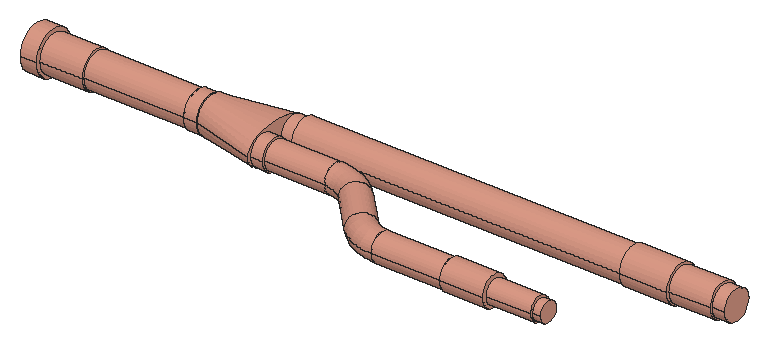
Revit family "outputfile", category 配管付属品, Revit 2024
Family settings
  丸型コネクタ寸法 = 半径を使用
  パーツ タイプ = 標準
  OmniClass 番号 = 23.65.55.00
  OmniClass タイトル = Distribution of Supplied Liquids/Gases
  作業面ベース = いいえ
  常に垂直 = はい
  ロード時にボイドで切り取り = いいえ
  共有 = いいえ
Parameters (values of type "BHRP26A73TA")
  製造元 = "Daikin"
  書き出し IFC クラス(タイプ) = "IfcPipeFittingType"
  既定の高さ = 0.0 mm
  定義済み IFC タイプ(タイプ) = "JUNCTION"
  モデル = "BHRP26A73TA"
  table_StraightPipe [instance] = if(mm⇔inch, "Refnet Joint_BHRP26A-TA_Gas_StraightPipe", "Refnet Joint_BHRP26A-TA_Gas_StraightPipe_inch")  # "Refnet Joint_BHRP26A-TA_Gas_StraightPipe"
  table_BranchPipe [instance] = if(mm⇔inch, "Refnet Joint_BHRP26A-TA_Gas_BranchPipe", "Refnet Joint_BHRP26A-TA_Gas_BranchPipe_inch")  # "Refnet Joint_BHRP26A-TA_Gas_BranchPipe"
  table_Inlet [instance] = if(mm⇔inch, "Refnet Joint_BHRP26A-TA_Gas_Inlet", "Refnet Joint_BHRP26A-TA_Gas_Inlet_inch")  # "Refnet Joint_BHRP26A-TA_Gas_Inlet"
  switch_StraightPipe_Reducer [instance] = if(Is_StraightPipe Reducer = 1, 1 = 1, 1 = 0)  # no
  switch_StraightPipe3 [instance] = if(number_StraightPipe = 3, 1 = 1, 1 = 0)  # yes
  switch_StraightPipe2 [instance] = if(number_StraightPipe < 2, 1 = 0, 1 = 1)  # yes
  switch_BranchPipe_Reducer [instance] = if(Is_BranchPipe Reducer = 1, 1 = 1, 1 = 0)  # no
  switch_BranchPipe3 [instance] = if(number_BranchPipe = 3, 1 = 1, 1 = 0)  # yes
  switch_BranchPipe2 [instance] = if(number_BranchPipe < 2, 1 = 0, 1 = 1)  # yes
  switch_Inlet pipe_Reducer [instance] = if(Is_Inlet Reducer = 1, 1 = 1, 1 = 0)  # no
  switch_Inlet pipe3 [instance] = if(number_InletPipe = 3, 1 = 1, 1 = 0)  # no
  switch_Inlet pipe2 [instance] = if(number_InletPipe < 2, 1 = 0, 1 = 1)  # yes
  mm⇔inch [instance] = yes
  l_OutletPipeSize [instance] = size_lookup(table_Inlet, "L_OutletPipeSize", 10.0 mm, モデル)  # 12.0 mm
  Uniclass2015Version = "Products v1.31"
  Uniclass2015Title = "Copper pipe fittings"
  Uniclass2015Code = "Pr_65_52_63_18"
  StraightPipe_Gas_ActualDiameter [instance] = 25.4 mm
  Material_Piping = DAIKIN_Copper_Pipe
  Material_Insulation = DAIKIN_White_Insulation
  lw_Insulation [instance] = size_lookup(table_Inlet, "lw_Insulation", 59.9 mm, モデル)  # 60.5 mm
  Unit Type = "BHRP26A-TA_Gas"
  Tag No. [instance] = ""
  StraightPipe_Gas_Status [instance] = size_lookup(table_StraightPipe, "Information", "The connected pipe size is not available.", モデル, StraightPipe_Gas_ActualDiameter)  # "Default connector size is used."
  Link_Nested Family [instance] = ""
  Inlet_Gas_Actual Diameter [instance] = 38.1 mm
  IfcVersion = ""
  IfcExportType = "JUNCTION"
  IfcExportAs = "IfcPipeFittingType"
  BranchPipe_Gas_Status [instance] = size_lookup(table_BranchPipe, "Information", "The connected pipe size is not available.", モデル, BranchPipe_Gas_ActualDiameter)  # "Default connector size is used."
  Inlet_Gas_Status [instance] = size_lookup(table_Inlet, "Information", "The connected pipe size is not available.", モデル, Inlet_Gas_Actual Diameter)  # "Default connector size is used."
  Series = "Refnet Joint"
  O.R_dividePipe_Inlet [instance] = (I.D_InletPipe1 + 2.0 mm) / 2  # 16.9 mm
  r_StraightPipe_Connector [instance] = StraightPipe_Gas_ActualDiameter / 2  # 12.7 mm
  r_BranchPipe_Connector [instance] = BranchPipe_Gas_ActualDiameter / 2  # 7.95 mm
  r_Inlet_Connector [instance] = Inlet_Gas_Actual Diameter / 2  # 19.05 mm
  number_StraightPipe [instance] = size_lookup(table_StraightPipe, "pipeNumber", 2, モデル, StraightPipe_Gas_ActualDiameter)  # 3
  number_BranchPipe [instance] = size_lookup(table_BranchPipe, "pipeNumber", 2, モデル, BranchPipe_Gas_ActualDiameter)  # 3
  number_InletPipe [instance] = size_lookup(table_Inlet, "pipeNumber", 3, モデル, Inlet_Gas_Actual Diameter)  # 2
  r_BranchPipeR [instance] = size_lookup(table_BranchPipe, "r_offsetPipeR", 25.0 mm, モデル, BranchPipe_Gas_ActualDiameter)  # 40.0 mm
  l_BranchPipe_Straight2 [instance] = size_lookup(table_BranchPipe, "L_offsetPipe2", 44.0 mm, モデル)  # 64.0 mm
  l_BranchPipe_Straight1 [instance] = size_lookup(table_BranchPipe, "L_offsetPipe1", 5.0 mm, モデル)  # 56.0 mm
  l_BranchPipe connector [instance] = size_lookup(table_BranchPipe, "Length", 170.0 mm, モデル, BranchPipe_Gas_ActualDiameter)  # 312.0 mm
  l_inlet connector [instance] = size_lookup(table_Inlet, "Length", 130.0 mm, モデル, Inlet_Gas_Actual Diameter)  # 161.0 mm
  l_dividePipe [instance] = size_lookup(table_Inlet, "L_devidePipe", 38.0 mm, モデル)  # 61.0 mm
  l_StraightPipeReducer [instance] = size_lookup(table_StraightPipe, "L_Reducer", 80.0 mm, モデル, StraightPipe_Gas_ActualDiameter)  # 120.0 mm
  l_StraightPipe3 [instance] = size_lookup(table_StraightPipe, "L_Pipe3", 2.0 mm, モデル)  # 12.0 mm
  l_StraightPipe2 [instance] = size_lookup(table_StraightPipe, "L_Pipe2", 9.0 mm, モデル)  # 39.0 mm
  l_StraightPipe1 [instance] = size_lookup(table_StraightPipe, "L_Pipe1", 40.0 mm, モデル)  # 44.0 mm
  l_StraightPipe0 [instance] = size_lookup(table_StraightPipe, "L_Pipe0", 153.0 mm, モデル)  # 305.0 mm
  l_StraightPipe connector [instance] = size_lookup(table_StraightPipe, "Length", 212.0 mm, モデル, StraightPipe_Gas_ActualDiameter)  # 412.0 mm
  l_BranchPipe Reducer [instance] = size_lookup(table_BranchPipe, "L_Reducer", 80.0 mm, モデル, BranchPipe_Gas_ActualDiameter)  # 100.0 mm
  l_BranchPipe3 [instance] = size_lookup(table_BranchPipe, "L_Pipe3", 2.0 mm, モデル)  # 8.0 mm
  l_BranchPipe2 [instance] = size_lookup(table_BranchPipe, "L_Pipe2", 9.0 mm, モデル)  # 42.0 mm
  l_BranchPipe1 [instance] = size_lookup(table_BranchPipe, "L_Pipe1", 40.0 mm, モデル)  # 40.0 mm
  l_BranchPipe0 [instance] = size_lookup(table_BranchPipe, "L_Pipe0", 111.0 mm, モデル)  # 210.0 mm
  l_InletReducer [instance] = size_lookup(table_Inlet, "L_Reducer", 100.0 mm, モデル, Inlet_Gas_Actual Diameter)  # 120.0 mm
  l_InletPipe3 [instance] = size_lookup(table_Inlet, "L_Pipe3", 9.0 mm, モデル)  # 2.0 mm
  l_InletPipe2 [instance] = size_lookup(table_Inlet, "L_Pipe2", 42.0 mm, モデル)  # 15.0 mm
  l_InletPipe1 [instance] = size_lookup(table_Inlet, "L_Pipe1", 38.0 mm, モデル)  # 40.0 mm
  l_InletPipe0 [instance] = size_lookup(table_Inlet, "L_Pipe0", 29.0 mm, モデル)  # 94.0 mm
  center_StraightPipe [instance] = size_lookup(table_StraightPipe, "center_Pipe", 11.5 mm, モデル)  # 17.5 mm
  center_BranchPipe2 [instance] = size_lookup(table_BranchPipe, "center_OffsetPipe", 68.5 mm, モデル)  # 75.5 mm
  center_BranchPipe1 [instance] = size_lookup(table_BranchPipe, "center_Pipe", 11.5 mm, モデル)  # 17.5 mm
  StraightPipe_Gas_AvailableDiameter [instance] = size_lookup(table_StraightPipe, "sizeVariation", "", モデル)  # "25.4/28.6/31.8/34.9mm"
  BranchPipe_Gas_AvailableDiameter [instance] = size_lookup(table_BranchPipe, "sizeVariation", "", モデル)  # "12.7/15.9/19.1/22.2/25.4/28.6mm"
  Inlet_Gas_Available Diameter [instance] = size_lookup(table_Inlet, "sizeVariation", "", モデル)  # "31.8/34.9/38.1/41.3mm"
  O.D_StraightPipe Reducer [instance] = size_lookup(table_StraightPipe, "O.D_reducer", 2.0 mm, モデル, StraightPipe_Gas_ActualDiameter)  # 2.0 mm
  O.D_Offset Outlet Reducer [instance] = size_lookup(table_BranchPipe, "O.D_reducer", 2.0 mm, モデル, BranchPipe_Gas_ActualDiameter)  # 2.0 mm
  O.D_Inlet Reducer [instance] = size_lookup(table_Inlet, "O.D_reducer", 2.0 mm, モデル, Inlet_Gas_Actual Diameter)  # 2.0 mm
  Is_StraightPipe Reducer [instance] = size_lookup(table_StraightPipe, "IsReducer", 0, モデル, StraightPipe_Gas_ActualDiameter)  # 0
  Is_BranchPipe Reducer [instance] = size_lookup(table_BranchPipe, "IsReducer", 0, モデル, BranchPipe_Gas_ActualDiameter)  # 0
  Is_Inlet Reducer [instance] = size_lookup(table_Inlet, "IsReducer", 0, モデル, Inlet_Gas_Actual Diameter)  # 0
  BranchPipe_Gas_ActualDiameter [instance] = 15.9 mm
  Attach_Insulation [instance] = no
  I.D_StraightPipe3 [instance] = size_lookup(table_StraightPipe, "I.D_PipeSize3", 2.0 mm, モデル)  # 25.4 mm
  I.D_StraightPipe2 [instance] = size_lookup(table_StraightPipe, "I.D_PipeSize2", 12.7 mm, モデル)  # 28.6 mm
  I.D_StraightPipe1 [instance] = size_lookup(table_StraightPipe, "I.D_PipeSize1", 15.9 mm, モデル)  # 31.8 mm
  I.D_StraightPipe0 [instance] = size_lookup(table_StraightPipe, "I.D_PipeSize0", 13.9 mm, モデル)  # 29.8 mm
  I.D_BranchPipe3 [instance] = size_lookup(table_BranchPipe, "I.D_PipeSize3", 2.0 mm, モデル)  # 15.9 mm
  I.D_BranchPipe2 [instance] = size_lookup(table_BranchPipe, "I.D_PipeSize2", 12.7 mm, モデル)  # 19.1 mm
  I.D_BranchPipe1 [instance] = size_lookup(table_BranchPipe, "I.D_PipeSize1", 15.9 mm, モデル)  # 25.4 mm
  I.D_BranchPipe0 [instance] = size_lookup(table_BranchPipe, "I.D_PipeSize0", 13.9 mm, モデル)  # 23.4 mm
  I.D_Straight Reducer [instance] = size_lookup(table_StraightPipe, "I.D_reducer", 2.0 mm, モデル, StraightPipe_Gas_ActualDiameter)  # 2.0 mm
  I.D_OutletPipe [instance] = size_lookup(table_Inlet, "I.D_OutletPipeSize", 16.0 mm, モデル, Inlet_Gas_Actual Diameter)  # 25.6 mm
  I.D_Branch Reducer [instance] = size_lookup(table_BranchPipe, "I.D_reducer", 2.0 mm, モデル, BranchPipe_Gas_ActualDiameter)  # 2.0 mm
  I.D_Inlet Reducer [instance] = size_lookup(table_Inlet, "I.D_reducer", 2.0 mm, モデル, Inlet_Gas_Actual Diameter)  # 2.0 mm
  I.D_InletPipe3 [instance] = size_lookup(table_Inlet, "I.D_PipeSize3", 12.7 mm, モデル)  # 2.0 mm
  I.D_InletPipe2 [instance] = size_lookup(table_Inlet, "I.D_PipeSize2", 15.9 mm, モデル)  # 38.1 mm
  I.D_InletPipe1 [instance] = size_lookup(table_Inlet, "I.D_PipeSize1", 19.1 mm, モデル)  # 31.8 mm
  I.D_InletPipe0 [instance] = size_lookup(table_Inlet, "I.D_PipeSize0", 17.1 mm, モデル)  # 29.8 mm
Reference planes
  plane 1 "Center (Front/Back)": y = 0
  plane 2: z = 0
  plane 3 "base_left": x = 0
  plane 4: x = 2
  plane 5: x = 17
  plane 6: x = 57
  plane 7: x = 151
  plane 8: x = 163
  plane 9: x = 224
  plane 10: x = 236
  plane 11 "center_straight outlet": y = 17.5
  plane 12 "center2_offset outlet": y = -75.5
  plane 13 "center1_offset outlet": y = -17.5
  plane 14: x = 541
  plane 15: x = 585
  plane 16: x = 624
  plane 17: x = 446
  plane 18: x = 486
  plane 19: x = 528
  plane 20: x = 636
  plane 21: x = 536
  plane 22 "Reducer_straightoutlet": x = 536
  plane 23: x = 636
  plane 24: y = -34.4
  plane 25: z = 16.9
  plane 26 "Inlet_connector": x = 2
  plane 27 "Left_Insulation": x = 102.5
Forms (mm)
  SweptBlend 1, solid, material "DAIKIN_Copper_Pipe" <- "Material_Piping"
    path origin (0, 0, 0) x (1, 0, 0) y (0, 1, 0)
      loop
        line (163, 0) -> (224, 0)
    profile origin (163, 0, 0) x (0, 1, 0) y (0, 0, 1)
      loop
        circle (0, 0) r 16.9
    end profile origin (224, 0, 0) x (0, 1, 0) y (0, 0, 1)
      loop
        spline (-34.4, 0) -> (-33.228, -4.374) -> (-29.791, -8.45) -> (-24.324, -11.95) -> (-17.2, -14.636) -> (-8.903, -16.324) -> (0, -16.9) -> (8.903, -16.324) -> (17.2, -14.636) -> (24.324, -11.95) -> (29.791, -8.45) -> (33.228, -4.374) -> (34.4, 0)
        spline (34.4, 0) -> (33.228, 4.374) -> (29.791, 8.45) -> (24.324, 11.95) -> (17.2, 14.636) -> (8.903, 16.324) -> (0, 16.9) -> (-8.903, 16.324) -> (-17.2, 14.636) -> (-24.324, 11.95) -> (-29.791, 8.45) -> (-33.228, 4.374) -> (-34.4, 0)
Dimensions and locks
  "l_InletPipe3": plane 3 "base_left" to plane 4
  "l_InletPipe2": plane 4 to plane 5
  "l_InletPipe1": plane 5 to plane 6
  "l_InletPipe0": plane 6 to plane 7
  plane 7 to plane 8 = 12.0 mm
  "center_StraightPipe": plane 1 "Center (Front/Back)" to plane 11 "center_straight outlet"
  "center_BranchPipe2": plane 12 "center2_offset outlet" to plane 1 "Center (Front/Back)"
  "center_BranchPipe1": plane 13 "center1_offset outlet" to plane 1 "Center (Front/Back)"
  "l_dividePipe": plane 8 to plane 9
  "l_OutletPipeSize": plane 9 to plane 10
  "l_StraightPipe0": plane 10 to plane 14
  "l_BranchPipe0": plane 10 to plane 17
  "l_BranchPipe1": plane 17 to plane 18
  "l_BranchPipe2": plane 18 to plane 19
  "l_StraightPipe1": plane 14 to plane 15
  "l_StraightPipe2": plane 15 to plane 16
  "l_StraightPipe3": plane 16 to plane 20
  "l_BranchPipe3": plane 19 to plane 21
  "l_BranchPipe connector": plane 9 to plane 22 "Reducer_straightoutlet"
  "l_StraightPipe connector": plane 9 to plane 23
  "O.R_dividePipe_Inlet": plane 24 to plane 13 "center1_offset outlet"
  "O.R_dividePipe_Inlet": plane 25 to plane 2
  "l_inlet connector": plane 26 "Inlet_connector" to plane 8
  "lw_Insulation": plane 27 "Left_Insulation" to plane 8
  "O.R_dividePipe_Inlet": radius of SweptBlend 1 sketch curve
  aligned and locked: level to plane 2
  aligned and locked: plane 2 to nested 1
  aligned and locked: plane 3 "base_left" to nested 1
  aligned and locked: plane 1 "Center (Front/Back)" to nested 1
  aligned and locked: plane 4 to nested 2
  aligned and locked: plane 1 "Center (Front/Back)" to nested 2
  aligned and locked: plane 5 to nested 2
  aligned and locked: plane 5 to nested 3
  aligned and locked: plane 6 to nested 3
  aligned and locked: plane 6 to nested 4
  aligned and locked: nested 4 to plane 7
  aligned and locked: nested 5 to plane 7
  aligned and locked: nested 5 to plane 8
  aligned and locked: plane 8 to SweptBlend 1 sketch curve
  aligned and locked: plane 9 to SweptBlend 1 sketch curve
  aligned and locked: plane 2 to SweptBlend 1 sketch curve  (x2)
  aligned and locked: plane 1 "Center (Front/Back)" to SweptBlend 1 sketch curve  (x2)
  aligned and locked: nested 6 to plane 9
  aligned and locked: nested 7 to plane 9
  aligned and locked: nested 6 to plane 11 "center_straight outlet"
  aligned and locked: nested 7 to plane 13 "center1_offset outlet"
  aligned and locked: nested 7 to plane 10
  aligned and locked: nested 6 to plane 10
  aligned and locked: nested 8 to plane 10
  aligned and locked: plane 14 to nested 8
  aligned and locked: nested 8 to plane 11 "center_straight outlet"
  aligned and locked: plane 14 to nested 9
  aligned and locked: plane 11 "center_straight outlet" to nested 9
  aligned and locked: plane 15 to nested 9
  aligned and locked: plane 11 "center_straight outlet" to nested 10
  aligned and locked: plane 15 to nested 10
  aligned and locked: plane 16 to nested 10
  aligned and locked: nested 11 to plane 12 "center2_offset outlet"
  aligned and locked: plane 17 to nested 11
  aligned and locked: plane 18 to nested 11
  aligned and locked: nested 12 to plane 12 "center2_offset outlet"
  aligned and locked: plane 18 to nested 12
  aligned and locked: plane 19 to nested 12
  aligned and locked: nested 13 to plane 10
  aligned and locked: nested 13 to plane 13 "center1_offset outlet"
  aligned and locked: nested 13 to plane 12 "center2_offset outlet"
  aligned and locked: plane 8 to nested 14
  aligned and locked: plane 1 "Center (Front/Back)" to nested 14
  aligned and locked: nested 15 to plane 11 "center_straight outlet"
  aligned and locked: nested 15 to plane 9
  aligned and locked: nested 16 to plane 9
  aligned and locked: nested 16 to plane 12 "center2_offset outlet"
  aligned and locked: nested 17 to plane 1 "Center (Front/Back)"
  aligned and locked: plane 16 to nested 18
  aligned and locked: plane 20 to nested 18
  aligned and locked: plane 19 to nested 19
  aligned and locked: plane 21 to nested 19
  aligned and locked: nested 20 to plane 12 "center2_offset outlet"
  aligned and locked: plane 23 to nested 21
  aligned and locked: plane 11 "center_straight outlet" to nested 21
  aligned and locked: plane 4 to nested 1
  aligned and locked: plane 24 to SweptBlend 1 sketch curve
  aligned and locked: plane 25 to SweptBlend 1 sketch curve
  aligned and locked: plane 12 "center2_offset outlet" to nested 19
  aligned and locked: plane 11 "center_straight outlet" to nested 18
  aligned and locked: nested 17 to plane 26 "Inlet_connector"
  aligned and locked: plane 22 "Reducer_straightoutlet" to nested 20
  aligned and locked: nested 22 to plane 27 "Left_Insulation"
  aligned and locked: plane 1 "Center (Front/Back)" to nested 22
Automatic sketch dimensions
  plane 1 "Center (Front/Back)" to SweptBlend 1 sketch curve = 0.0 mm
Nested families
  nested 1: "daikin_Pipe" at (1, 0, 0), I.D_Pipe <- "I.D_InletPipe3", display <- "switch_Inlet pipe3", type "*"
    with length_Pipe 2.0 mm, display no, O.D_Pipe 4.0 mm, I.D_Pipe 2.0 mm
  nested 2: "daikin_Pipe" at (9.5, 0, 0), I.D_Pipe <- "I.D_InletPipe2", display <- "switch_Inlet pipe2", type "*"
    with length_Pipe 15.0 mm, display yes, O.D_Pipe 40.1 mm, I.D_Pipe 38.1 mm
  nested 3: "daikin_Pipe" at (37, 0, 0), I.D_Pipe <- "I.D_InletPipe1", type "*"
    with length_Pipe 40.0 mm, display yes, O.D_Pipe 33.8 mm, I.D_Pipe 31.8 mm
  nested 4: "daikin_Pipe" at (104, 0, 0), I.D_Pipe <- "I.D_InletPipe0", type "*"
    with length_Pipe 94.0 mm, display yes, O.D_Pipe 31.8 mm, I.D_Pipe 29.8 mm
  nested 5: "daikin_Pipe" at (157, 0, 0), I.D_Pipe <- "I.D_InletPipe1", type "*"
    with length_Pipe 12.0 mm, display yes, O.D_Pipe 33.8 mm, I.D_Pipe 31.8 mm
  nested 6: "daikin_Pipe" at (230, 17.5, 0), I.D_Pipe <- "I.D_OutletPipe", type "*"
    with length_Pipe 12.0 mm, display yes, O.D_Pipe 27.6 mm, I.D_Pipe 25.6 mm
  nested 7: "daikin_Pipe" at (230, -17.5, 0), I.D_Pipe <- "I.D_OutletPipe", type "*"
    with length_Pipe 12.0 mm, display yes, O.D_Pipe 27.6 mm, I.D_Pipe 25.6 mm
  nested 8: "daikin_Pipe" at (388.5, 17.5, 0), I.D_Pipe <- "I.D_StraightPipe0", type "*"
    with length_Pipe 305.0 mm, display yes, O.D_Pipe 31.8 mm, I.D_Pipe 29.8 mm
  nested 9: "daikin_Pipe" at (563, 17.5, 0), I.D_Pipe <- "I.D_StraightPipe1", type "*"
    with length_Pipe 44.0 mm, display yes, O.D_Pipe 33.8 mm, I.D_Pipe 31.8 mm
  nested 10: "daikin_Pipe" at (604.5, 17.5, 0), I.D_Pipe <- "I.D_StraightPipe2", display <- "switch_StraightPipe2", type "*"
    with length_Pipe 39.0 mm, display yes, O.D_Pipe 30.6 mm, I.D_Pipe 28.6 mm
  nested 11: "daikin_Pipe" at (466, -75.5, 0), I.D_Pipe <- "I.D_BranchPipe1", type "*"
    with length_Pipe 40.0 mm, display yes, O.D_Pipe 27.4 mm, I.D_Pipe 25.4 mm
  nested 12: "daikin_Pipe" at (507, -75.5, 0), I.D_Pipe <- "I.D_BranchPipe2", display <- "switch_BranchPipe2", type "*"
    with length_Pipe 42.0 mm, display yes, O.D_Pipe 21.1 mm, I.D_Pipe 19.1 mm
  nested 13: "daikin_Pipe Ofsset" at (236, -17.5, 0), I.D_Pipe size <- "I.D_BranchPipe0", length_straight pipe1 <- "l_BranchPipe_Straight1", length_straight pipe2 <- "l_BranchPipe_Straight2", r_Pipe R <- "r_BranchPipeR", length_Pipe <- "l_BranchPipe0", type "*"
    with r_Pipe R 40.0 mm, length_straight pipe2 64.0 mm, length_straight pipe1 56.0 mm, length_offset center 58.0 mm, length_Pipe 210.0 mm, O.D_Pipe size 25.4 mm, I.D_Pipe size 23.4 mm
  nested 14: "daikin_connector_rotate2" at (163, 0, 0) x (0, -1, 0) z (0, 0, 1), length <- "l_inlet connector", type "daikin_connector_rotate2"
    with radius 5.0 mm, length 161.0 mm, angle_vertical 90.00°, locaton_mark no
  nested 15: "daikin_connector_rotate2" at (224, 17.5, 0) x (0, 1, 0) z (0, 0, 1), length <- "l_StraightPipe connector", type "daikin_connector_rotate2"
    with radius 5.0 mm, length 412.0 mm, angle_vertical 90.00°, locaton_mark no
  nested 16: "daikin_connector_rotate2" at (224, -75.5, 0) x (0, 1, 0) z (0, 0, 1), length <- "l_BranchPipe connector", type "daikin_connector_rotate2"
    with radius 5.0 mm, length 312.0 mm, angle_vertical 90.00°, locaton_mark no
  nested 17: "daikin_Pipe_reducer" at (62, 0, 0) x (-1, 0, 0) z (0, 0, 1), display <- "switch_Inlet pipe_Reducer", length_Pipe <- "l_InletReducer", I.D_Pipe1 <- "I.D_Inlet Reducer", O.D_Pipe2 <- "O.D_Inlet Reducer", type "*"
    with length_Pipe 120.0 mm, display no, O.D_Pipe2 2.0 mm, O.D_Pipe1 4.0 mm, I.D_Pipe2 0.0 mm, I.D_Pipe1 2.0 mm
  nested 18: "daikin_Pipe" at (630, 17.5, 0), I.D_Pipe <- "I.D_StraightPipe3", display <- "switch_StraightPipe3", type "*"
    with length_Pipe 12.0 mm, display yes, O.D_Pipe 27.4 mm, I.D_Pipe 25.4 mm
  nested 19: "daikin_Pipe" at (532, -75.5, 0), I.D_Pipe <- "I.D_BranchPipe3", display <- "switch_BranchPipe3", type "*"
    with length_Pipe 8.0 mm, display yes, O.D_Pipe 17.9 mm, I.D_Pipe 15.9 mm
  nested 20: "daikin_Pipe_reducer" at (486, -75.5, 0), I.D_Pipe1 <- "I.D_Branch Reducer", O.D_Pipe2 <- "O.D_Offset Outlet Reducer", length_Pipe <- "l_BranchPipe Reducer", display <- "switch_BranchPipe_Reducer", type "*"
    with length_Pipe 100.0 mm, display no, O.D_Pipe2 2.0 mm, O.D_Pipe1 4.0 mm, I.D_Pipe2 0.0 mm, I.D_Pipe1 2.0 mm
  nested 21: "daikin_Pipe_reducer" at (576, 17.5, 0), I.D_Pipe1 <- "I.D_Straight Reducer", O.D_Pipe2 <- "O.D_StraightPipe Reducer", length_Pipe <- "l_StraightPipeReducer", display <- "switch_StraightPipe_Reducer", type "*"
    with length_Pipe 120.0 mm, display no, O.D_Pipe2 2.0 mm, O.D_Pipe1 4.0 mm, I.D_Pipe2 0.0 mm, I.D_Pipe1 2.0 mm
  nested 22: "daikin_Insulation_RefnetJoint" at (102.5, 0, 0), I.D_Outlet PipeSize <- "I.D_OutletPipe", type "*"
    with h 57.6 mm, I.D_Outlet PipeSize 25.6 mm, r_Insulation 14.0 mm, h_Insulation 297.0 mm, d_Insulation3_3 82.0 mm, d_Insulation2_2 50.5 mm, d_Insulation1_1 32.0 mm, w_Insulation5 310.0 mm, w_Insulation4 60.0 mm, w_Insulation3 109.0 mm, w_Insulation2 90.0 mm, w_Insulation1 30.0 mm, d_Insulation3 74.0 mm, d_Insulation2 54.5 mm, d_Insulation1 36.0 mm
Connectors
  piping at (2, 0, 0), diameter 38.1, driven by "r_Inlet_Connector"
    settings: on nested 14, index 1, connector inside diameter 609.6 mm, connector length 0.0 mm, flow factor 0, pipe flow 0.00 m³/h, pressure drop 0.0 Pa, fitting loss kfactor 0, connector angle 0.00°, fixture units 0, engagement length 0.0 mm, angle of deflection 0.00°, flow configuration 0, flow direction 2, fitting loss method 0, system type 29, joint type 0, gender type 0, connector reference index -1, connector utility 0, adjustable connector no, is connector primary yes, connector description "Refnet Joint_Inlet_Gas"
  piping at (536, -75.5, 0), diameter 15.9, driven by "r_BranchPipe_Connector"
    settings: on nested 16, index 2, connector inside diameter 609.6 mm, connector length 0.0 mm, flow factor 0, pipe flow 0.00 m³/h, pressure drop 0.0 Pa, fitting loss kfactor 0, connector angle 0.00°, fixture units 0, engagement length 0.0 mm, angle of deflection 0.00°, flow configuration 0, flow direction 1, fitting loss method 0, system type 29, joint type 0, gender type 0, connector reference index -1, connector utility 0, adjustable connector no, is connector primary no, connector description "Refnet Joint_Outlet Branch_Gas"
  piping at (636, 17.5, 0), diameter 25.4, driven by "r_StraightPipe_Connector"
    settings: on nested 15, index 3, connector inside diameter 609.6 mm, connector length 0.0 mm, flow factor 0, pipe flow 0.00 m³/h, pressure drop 0.0 Pa, fitting loss kfactor 0, connector angle 0.00°, fixture units 0, engagement length 0.0 mm, angle of deflection 0.00°, flow configuration 0, flow direction 1, fitting loss method 0, system type 29, joint type 0, gender type 0, connector reference index -1, connector utility 0, adjustable connector no, is connector primary no, connector description "Refnet Joint_Outlet Straight_Gas"
Definition of nested family "daikin_Pipe"
  Parameters (values of type "*")
    Default Elevation = 0.0 mm
    material = none
    length_Pipe [instance] = 150.0 mm
    display [instance] = yes
    O.D_Pipe [instance] = I.D_Pipe + 2.0 mm  # 27.0 mm
    I.D_Pipe [instance] = 25.0 mm
  Reference planes
    plane 1 "Center (Front/Back)": y = 0
    plane 2 "center(vertical)": z = 0
    plane 3 "Center (Left/Right)": x = 0
    plane 4 "left": x = -75
    plane 5 "right": x = 75
  Forms (mm)
    Extrusion 1, solid, material <- "material", visible <- "display"
      sketch origin (0, 0, 0) x (0, 1, 0) y (0, 0, 1)
        loop
          circle (0, 0) r 13.5
      from -75 to 75
  Dimensions and locks
    equal spacing: plane 4 "left", plane 3 "Center (Left/Right)", plane 5 "right"
    "length_Pipe": plane 4 "left" to plane 5 "right"
    "O.D_Pipe": diameter of Extrusion 1 sketch curve
    aligned and locked: level to plane 2 "center(vertical)"
    aligned and locked: plane 2 "center(vertical)" to Extrusion 1 sketch curve
    aligned and locked: plane 1 "Center (Front/Back)" to Extrusion 1 sketch curve
    aligned and locked: plane 5 "right" to Extrusion 1
    aligned and locked: Extrusion 1 to plane 4 "left"
Definition of nested family "daikin_Pipe Ofsset"
  Parameters (values of type "*")
    Default Elevation = 0.0 mm
    r_Pipe R [instance] = 40.0 mm
    material = none
    length_straight pipe2 [instance] = 43.0 mm
    length_straight pipe1 [instance] = 5.0 mm
    length_offset center [instance] = 57.0 mm
    length_Pipe [instance] = 110.0 mm
    O.D_Pipe size [instance] = I.D_Pipe size + 2.0 mm  # 12.0 mm
    I.D_Pipe size [instance] = 10.0 mm
  Reference planes
    plane 1 "Center (Front/Back)": y = 0
    plane 2: z = 0
    plane 3 "Center (Left/Right)": x = 0
    plane 4: y = -57
    plane 5: x = 110
    plane 6: x = 67
    plane 7: x = 5
  Forms (mm)
    Sweep 1, solid, material <- "material"
      path origin (0, 0, 0) x (1, 0, 0) y (0, 1, 0)
        loop
          line (0, 0) -> (5, 0)
          arc (5, 0) -> (20.74, -3.227) -> (33.94, -12.387) r 40
          line (33.94, -12.387) -> (38.06, -44.613)
          arc (38.06, -44.613) -> (51.26, -53.773) -> (67, -57) r 40
          line (67, -57) -> (110, -57)
      profile origin (2.5, 0, 0) x (0, 1, 0) y (0, 0, 1)
        loop
          circle (0, 0) r 6
  Dimensions and locks
    "length_offset center": plane 4 to plane 1 "Center (Front/Back)"
    "length_straight pipe1": plane 3 "Center (Left/Right)" to plane 7
    "length_Pipe": plane 3 "Center (Left/Right)" to plane 5
    "length_straight pipe2": plane 6 to plane 5
    "O.D_Pipe size": diameter of Sweep 1 sketch curve
    "r_Pipe R": radius of Sweep 1 sketch curve  (x2)
    aligned and locked: level to plane 2
    aligned and locked: plane 1 "Center (Front/Back)" to Sweep 1 sketch curve
    aligned and locked: profile plane to Sweep 1 sketch curve
    aligned and locked: plane 5 to Sweep 1 sketch curve
    aligned and locked: plane 7 to Sweep 1 sketch curve
    aligned and locked: plane 6 to Sweep 1 sketch curve
  Automatic sketch dimensions
    plane 1 "Center (Front/Back)" to Sweep 1 sketch curve = 0.0 mm
    Sweep 1 sketch curve to plane 3 "Center (Left/Right)" = 0.0 mm
    plane 4 to Sweep 1 sketch curve = 0.0 mm
    plane 1 "Center (Front/Back)" to Sweep 1 sketch curve = 12.387 mm
    Sweep 1 sketch curve to plane 4 = 12.387 mm
Definition of nested family "daikin_connector_rotate2"
  Parameters (values of type "daikin_connector_rotate2")
    show_face = no
    radius [instance] = 10.0 mm
    locaton_mark = yes
    length [instance] = 600.0 mm
    d_surface = 10.0 mm
    angle_vertical [instance] = 90.00°
    Default Elevation = 0.0 mm
  Reference planes
    plane 1 "Center (Front/Back)": y = 0
    plane 2: z = 0
    plane 3 "Center (Left/Right)": x = 0
  Forms (mm)
    Extrusion 1, solid, visible <- "show_face"
      sketch origin (0, -600, 0) x (1, 0, 0) y (0, 0, 1)
        loop
          circle (0, 0) r 10
      from 0 to -10
  Lines and regions (mm)
    reference lines
      curve 1: line (0, 0, 0) -> (0, -600, 0)
    symbolic lines, visible <- "locaton_mark"
      curve 2: circle (0, 0, 0) r 5 normal (0, 0, 1)
    model lines, visible <- "show_face"
      curve 3: line (0, 0, 0) -> (0, -600, 0)
  Dimensions and locks
    "length": curve 1 to curve 1
    "length": curve 3 to curve 3
    "d_surface": Extrusion 1 to Extrusion 1
    "radius": radius of Extrusion 1 sketch curve
    "angle_vertical": angle curve 1 to plane 1 "Center (Front/Back)"
    "angle_vertical": angle curve 3 to plane 1 "Center (Front/Back)"
    aligned and locked: level to plane 2
    aligned and locked: plane 1 "Center (Front/Back)" to curve 1
    aligned and locked: plane 2 to curve 1
    aligned and locked: plane 1 "Center (Front/Back)" to curve 2
    aligned and locked: plane 3 "Center (Left/Right)" to curve 2
    aligned and locked: plane 1 "Center (Front/Back)" to curve 3
    aligned and locked: plane 2 to curve 3
    aligned and locked: Extrusion 1 to Extrusion 1
  Automatic sketch dimensions
    Extrusion 1 sketch curve to level = 0.0 mm
    Extrusion 1 sketch curve to plane 3 "Center (Left/Right)" = 0.0 mm
    radius of curve 2 = 5.0 mm
Definition of nested family "daikin_Pipe_reducer"
  Parameters (values of type "*")
    Default Elevation = 0.0 mm
    material = none
    length_Pipe [instance] = 250.0 mm
    display [instance] = yes
    O.D_Pipe2 [instance] = 19.1 mm
    O.D_Pipe1 [instance] = I.D_Pipe1 + 2.0 mm  # 24.2 mm
    I.D_Pipe2 [instance] = O.D_Pipe2 - 2.0 mm  # 17.1 mm
    I.D_Pipe1 [instance] = 22.2 mm
  Reference planes
    plane 1 "Center (Front/Back)": y = 0
    plane 2 "center(vertical)": z = 0
    plane 3 "Center (Left/Right)": x = 0
    plane 4 "connection": x = -125
    plane 5 "right": x = 113
    plane 6: x = 125
  Forms (mm)
    Extrusion 1, solid, material <- "material", visible <- "display"
      sketch origin (0, 0, 0) x (0, 1, 0) y (0, 0, 1)
        loop
          circle (0, 0) r 9.55
      from -125 to 113
    Extrusion 2, solid, material <- "material", visible <- "display"
      sketch origin (0, 0, 0) x (0, 1, 0) y (0, 0, 1)
        loop
          circle (0, 0) r 12.1
      from 113 to 125
  Dimensions and locks
    locked: plane 5 "right" to plane 6 at 12
    "length_Pipe": plane 4 "connection" to plane 6
    equal spacing: plane 4 "connection", plane 3 "Center (Left/Right)", plane 6
    "O.D_Pipe2": diameter of Extrusion 1 sketch curve
    "O.D_Pipe1": diameter of Extrusion 2 sketch curve
    aligned and locked: level to plane 2 "center(vertical)"
    aligned and locked: plane 2 "center(vertical)" to Extrusion 1 sketch curve
    aligned and locked: plane 1 "Center (Front/Back)" to Extrusion 1 sketch curve
    aligned and locked: plane 5 "right" to Extrusion 1
    aligned and locked: Extrusion 1 to plane 4 "connection"
    aligned and locked: plane 2 "center(vertical)" to Extrusion 2 sketch curve
    aligned and locked: plane 1 "Center (Front/Back)" to Extrusion 2 sketch curve
    aligned and locked: Extrusion 2 to plane 5 "right"
    aligned and locked: plane 6 to Extrusion 2
Definition of nested family "daikin_Insulation_RefnetJoint"
  Parameters (values of type "*")
    r_Insulation = size_lookup(table_Insulation, "r_Insulation", 13.5 mm, Model)  # 13.5 mm
    h_Insulation = size_lookup(table_Insulation, "h_Insulation", 202.5 mm, Model)  # 202.5 mm
    d_Insulation3_3 = size_lookup(table_Insulation, "d_Insulation3_3", 68.0 mm, Model)  # 68.0 mm
    d_Insulation2_2 = size_lookup(table_Insulation, "d_Insulation2_2", 38.0 mm, Model)  # 38.0 mm
    d_Insulation1_1 = size_lookup(table_Insulation, "d_Insulation1_1", 26.5 mm, Model)  # 26.5 mm
    Default Elevation = 0.0 mm
    Model = "KHRP26A22TA"
    w_Insulation5 = size_lookup(table_Insulation, "w_Insulation5", 212.0 mm, Model)  # 212.0 mm
    w_Insulation4 = size_lookup(table_Insulation, "w_Insulation4", 67.0 mm, Model)  # 67.0 mm
    w_Insulation3 = size_lookup(table_Insulation, "w_Insulation3", 34.7 mm, Model)  # 34.7 mm
    w_Insulation2 = size_lookup(table_Insulation, "w_Insulation2", 80.0 mm, Model)  # 80.0 mm
    w_Insulation1 = size_lookup(table_Insulation, "w_Insulation1", 22.0 mm, Model)  # 22.0 mm
    table_Insulation = "Refnet Joint_BHRP26A-TA_Gas_Insulation"  # constant formula
    material = none
    h [instance] = (I.D_Outlet PipeSize + 2.0 mm) + 30.0 mm  # 47.0 mm
    display = no
    d_Insulation3 = size_lookup(table_Insulation, "d_Insulation3", 63.5 mm, Model)  # 63.5 mm
    d_Insulation2 = size_lookup(table_Insulation, "d_Insulation2", 41.0 mm, Model)  # 41.0 mm
    d_Insulation1 = size_lookup(table_Insulation, "d_Insulation1", 29.5 mm, Model)  # 29.5 mm
    I.D_Outlet PipeSize [instance] = 15.0 mm
  Reference planes
    plane 1 "Center (Front/Back)": y = 0
    plane 2: z = 0
    plane 3 "Left": x = 0
    plane 4 "top": z = 23.5
    plane 5 "bottom": z = -23.5
    plane 6: x = 22
    plane 7: x = 80
    plane 8: y = 26.5
    plane 9: y = -29.5
    plane 10: y = 38
    plane 11: y = -41
    plane 12: y = -93.5
    plane 13: x = 212
    plane 14: y = -30
    plane 15: x = 114.7
    plane 16: x = 145
    plane 17: x = 202.5
  Forms (mm)
    Extrusion 1, solid, material <- "material", visible <- "display"
      sketch origin (0, 0, 0) x (1, 0, 0) y (0, 1, 0)
        loop
          line (22, 26.5) -> (0, 26.5) -> (0, -29.5) -> (22, -29.5) -> (80, -41) -> (114.7, -41) -> (145, -93.5) -> (212, -93.5) -> (212, -43.5) -> (202.5, -43.5)
          arc (202.5, -43.5) -> (189, -30) -> (202.5, -16.5) r 13.5
          line (202.5, -16.5) -> (212, -16.5) -> (212, 38) -> (80, 38) -> (22, 26.5)
      from -23.5 to 23.5
  Dimensions and locks
    equal spacing: plane 4 "top", plane 2, plane 5 "bottom"
    "h": plane 4 "top" to plane 5 "bottom"
    "w_Insulation1": plane 3 "Left" to plane 6
    "w_Insulation2": plane 3 "Left" to plane 7
    "w_Insulation5": plane 3 "Left" to plane 13
    "w_Insulation3": plane 7 to plane 15
    "w_Insulation4": plane 16 to plane 13
    "d_Insulation1": plane 1 "Center (Front/Back)" to plane 9
    "d_Insulation1_1": plane 8 to plane 1 "Center (Front/Back)"
    "d_Insulation2": plane 1 "Center (Front/Back)" to plane 11
    "d_Insulation2_2": plane 10 to plane 1 "Center (Front/Back)"
    "d_Insulation3_3": plane 10 to plane 14
    "d_Insulation3": plane 14 to plane 12
    "r_Insulation": Extrusion 1 sketch curve to plane 14
    "r_Insulation": plane 14 to Extrusion 1 sketch curve
    "h_Insulation": plane 3 "Left" to plane 17
    "r_Insulation": radius of Extrusion 1 sketch curve
    aligned and locked: level to plane 2
    aligned and locked: Extrusion 1 to plane 5 "bottom"
    aligned and locked: plane 4 "top" to Extrusion 1
    aligned and locked: plane 6 to Extrusion 1  (x2)
    aligned and locked: plane 7 to Extrusion 1  (x2)
    aligned and locked: plane 6 to Extrusion 1 sketch curve
    aligned and locked: plane 11 to Extrusion 1 sketch curve
    aligned and locked: plane 7 to Extrusion 1 sketch curve  (x2)
    aligned and locked: plane 10 to Extrusion 1 sketch curve
    aligned and locked: Extrusion 1 sketch curve to plane 12
    aligned and locked: Extrusion 1 sketch curve to plane 13  (x2)
    aligned and locked: plane 16 to Extrusion 1 sketch curve
    aligned and locked: plane 15 to Extrusion 1 sketch curve
    aligned and locked: plane 17 to Extrusion 1 sketch curve
  Automatic sketch dimensions
    Extrusion 1 sketch curve to plane 3 "Left" = 0.0 mm
    Extrusion 1 sketch curve to plane 6 = 0.0 mm
    Extrusion 1 sketch curve to plane 9 = 0.0 mm
    Extrusion 1 sketch curve to plane 8 = 0.0 mm
